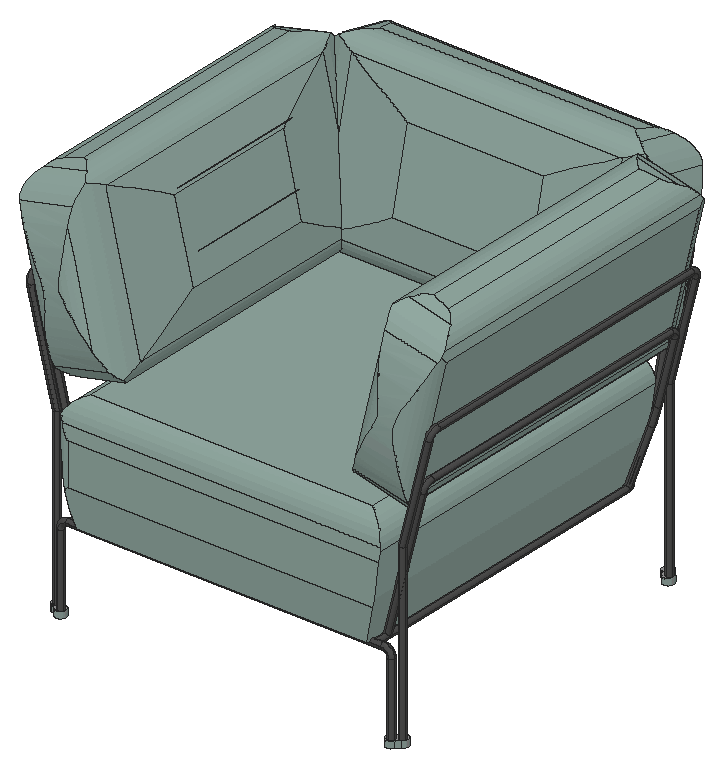
Revit family "FU_Modular_Sandler_Ari 1302-OD", category Furniture, Revit 2020
Family settings
  OmniClass Number = 23.40.20.00
  OmniClass Title = General Furniture and Specialties
  Work Plane-Based = No
  Always vertical = Yes
  Cut with Voids When Loaded = No
  Shared = No
  Room Calculation Point = No
Parameters (values of type "Ari 1302-OD")
  Width = 840 mm
  URL = "https://www.sandlerseating.com/product/ari-1302-od/"
  Seat [instance] = Fabric - Outdoor - Amelia 711
  Model = "Ari 1302-OD"
  Manufacturer = "Sandler"
  Height = 780 mm
  Frame [instance] = Metal - Paint - Outdoor - Jet Black
  Description = "Outdoor armchair with upholstered backrest and armrests, steel frame, and an elegant double support at the back. Part of the Ari patio modular range"
  Depth = 780 mm
  Default Elevation = 0 mm
  Back [instance] = Fabric - Outdoor - Amelia 711
Reference planes
  plane 1 "Center (Front/Back)": y = 0
  plane 2: z = 0
  plane 3 "Center (Left/Right)": x = 0
  plane 4 "Right": x = -360
  plane 5 "Left": x = 360
  plane 6 "Back": y = 390
  plane 7 "Front": y = -390
  plane 8 "Height": z = 780
  plane 9 "Seat height": z = 420
  plane 10 "Frame Front C TOP": y = -372.654
  plane 11 "Frame Left C TOP": x = 337.638
  plane 12 "Feet Right": z = 12
  plane 13 "Frame Height C RIGHT": z = 173.508
  plane 14 "Right Arm": x = -420
  plane 15 "Frame Back AC RIGHT": through (4267.2, 277.413, 181.26) normal (0, -0.9703, 0.2421)
  plane 16 "Frame Back C RIGHT": y = 321.991
  plane 17 "Center L/T": x = 420
Forms (mm)
  Extrusion 1, solid, material "Fabric - Outdoor - Amelia 711" <- "Seat"
    sketch origin (0, 0, 173.508) x (1, 0, 0) y (0, 1, 0)
      loop
        arc (-313.239, 303.733) -> (-336.927, 293.921) -> (-346.739, 270.233) r 33.5
        line (-346.739, 270.233) -> (-346.739, -356.5)
        arc (-346.739, -356.5) -> (-336.927, -380.188) -> (-313.239, -390) r 33.5
        line (-313.239, -390) -> (313.204, -390)
        arc (313.204, -390) -> (336.892, -380.188) -> (346.704, -356.5) r 33.5
        line (346.704, -356.5) -> (346.704, 270.233)
        arc (346.704, 270.233) -> (336.892, 293.921) -> (313.204, 303.733) r 33.5
        line (313.204, 303.733) -> (-313.239, 303.733)
    from 0 to 233.363
  Sweep 2, solid, material "Metal - Paint - Outdoor - Jet Black" <- "Frame"
    path origin (0, -372.654, 0) x (1, 0, 0) y (0, 0, 1)
      loop
        line (-341.388, 12) -> (-341.388, 158.008)
        arc (-341.388, 158.008) -> (-336.848, 168.968) -> (-325.888, 173.508) r 15.5
        line (-325.888, 173.508) -> (308.101, 173.508)
        arc (308.101, 173.508) -> (319.061, 168.968) -> (323.601, 158.008) r 15.5
        line (323.601, 158.008) -> (323.601, 12)
    profile "Pro_Circles : 13mm" origin (-341.388, -372.654, 85.004) x (-1, 0, 0) y (0, -1, 0)
      loop
        arc (-6.467, 0.067) -> (-4.64, -4.545) -> (-0.067, -6.467) r 6.401
        arc (-0.067, -6.467) -> (4.593, -4.594) -> (6.467, 0.067) r 6.402
        arc (6.467, 0.067) -> (4.545, 4.64) -> (-0.067, 6.467) r 6.401
        arc (-0.067, 6.467) -> (-4.592, 4.592) -> (-6.467, 0.067) r 6.4
  Sweep 3, solid, material "Metal - Paint - Outdoor - Jet Black" <- "Frame"
    path origin (0, 321.991, 0) x (0, 0, 1) y (1, 0, 0)
      loop
        line (12, -343.741) -> (420, -343.741)
    profile "Pro_Circles : 13mm" origin (-343.741, 321.991, 216) x (1, 0, 0) y (0, 1, 0)
      loop
        arc (-6.467, 0.067) -> (-4.64, -4.545) -> (-0.067, -6.467) r 6.401
        arc (-0.067, -6.467) -> (4.593, -4.594) -> (6.467, 0.067) r 6.402
        arc (6.467, 0.067) -> (4.545, 4.64) -> (-0.067, 6.467) r 6.401
        arc (-0.067, 6.467) -> (-4.592, 4.592) -> (-6.467, 0.067) r 6.4
  Sweep 4, solid, material "Metal - Paint - Outdoor - Jet Black" <- "Frame"
    path origin (-17.502, 321.991, 0) x (0, 0, 1) y (-1, 0, 0)
      loop
        line (12, -343.741) -> (420, -343.741)
    profile "Pro_Circles : 13mm" origin (326.238, 321.991, 216) x (1, 0, 0) y (0, 1, 0)
      loop
        arc (6.467, 0.067) -> (4.592, 4.592) -> (0.067, 6.467) r 6.4
        arc (0.067, 6.467) -> (-4.545, 4.64) -> (-6.467, 0.067) r 6.401
        arc (-6.467, 0.067) -> (-4.593, -4.594) -> (0.067, -6.467) r 6.402
        arc (0.067, -6.467) -> (4.64, -4.545) -> (6.467, 0.067) r 6.401
  Sweep 5, solid, material "Metal - Paint - Outdoor - Jet Black" <- "Frame"
    path origin (0, 218.581, -54.537) x (0, -0.242083, -0.970256) y (1, 0, 0)
      loop
        line (-392.584, -343.94) -> (-642.584, -343.94)
        arc (-642.584, -343.94) -> (-653.544, -339.4) -> (-658.084, -328.44) r 15.5
        line (-658.084, -328.44) -> (-658.084, 310.706)
        arc (-658.084, 310.706) -> (-653.544, 321.666) -> (-642.584, 326.206) r 15.5
        line (-642.584, 326.206) -> (-392.584, 326.206)
    profile "Pro_Circles : 13mm" origin (-343.94, 343.879, 447.652) x (-1, 0, 0) y (0, -0.970256, 0.242083)
      loop
        arc (-6.467, 0.067) -> (-4.64, -4.545) -> (-0.067, -6.467) r 6.401
        arc (-0.067, -6.467) -> (4.593, -4.594) -> (6.467, 0.067) r 6.402
        arc (6.467, 0.067) -> (4.545, 4.64) -> (-0.067, 6.467) r 6.401
        arc (-0.067, 6.467) -> (-4.592, 4.592) -> (-6.467, 0.067) r 6.4
  Extrusion 6, void
    sketch origin (0, 0, 0) x (0, 1, 0) y (0, 0, 1)
      loop
        line (297.177, 362.973) -> (297.177, 316.005) -> (346.804, 316.005) -> (346.804, 356.876) -> (297.177, 362.973)
    from -420 to 360
  Extrusion 7, void
    sketch origin (0, 0, 0) x (0, 1, 0) y (0, 0, 1)
      loop
        line (297.177, 362.973) -> (346.804, 356.876) -> (346.804, 423.527) -> (297.177, 423.527) -> (297.177, 362.973)
    from -420 to 360
  Sweep 8, solid, material "Metal - Paint - Outdoor - Jet Black" <- "Frame"
    path origin (0, 218.581, -54.537) x (0, -0.242083, -0.970256) y (1, 0, 0)
      loop
        line (-235.112, -297.339) -> (-350.831, -321.742)
        arc (-350.831, -321.742) -> (-370.032, -324.759) -> (-389.442, -325.768) r 187.127
        line (-389.442, -325.768) -> (-528.112, -325.768)
        arc (-528.112, -325.768) -> (-539.072, -321.229) -> (-543.612, -310.268) r 15.5
        line (-543.612, -310.268) -> (-543.612, 291.731)
        arc (-543.612, 291.731) -> (-539.072, 302.691) -> (-528.112, 307.231) r 15.5
        line (-528.112, 307.231) -> (-391.142, 307.231)
        arc (-391.142, 307.231) -> (-371.665, 306.214) -> (-352.4, 303.176) r 187.1
        line (-352.4, 303.176) -> (-233.557, 278.022)
    profile "Pro_Circles : 13mm" origin (-9.269, 350.18, 472.905) x (0, 0.242083, 0.970256) y (0, -0.970256, 0.242083)
      loop
        arc (-6.467, 0.067) -> (-4.64, -4.545) -> (-0.067, -6.467) r 6.401
        arc (-0.067, -6.467) -> (4.593, -4.594) -> (6.467, 0.067) r 6.402
        arc (6.467, 0.067) -> (4.545, 4.64) -> (-0.067, 6.467) r 6.401
        arc (-0.067, 6.467) -> (-4.592, 4.592) -> (-6.467, 0.067) r 6.4
  Sweep 9, solid, material "Metal - Paint - Outdoor - Jet Black" <- "Frame"
    path origin (-357.841, -35.2, 0) x (0, 0, 1) y (0, 1, 0)
      loop
        line (12, 343.741) -> (420, 343.741)
    profile "Pro_Circles : 13mm" origin (-357.841, 308.541, 216) x (0, 1, 0) y (-1, 0, 0)
      loop
        arc (6.467, 0.067) -> (4.592, 4.592) -> (0.067, 6.467) r 6.4
        arc (0.067, 6.467) -> (-4.545, 4.64) -> (-6.467, 0.067) r 6.401
        arc (-6.467, 0.067) -> (-4.593, -4.594) -> (0.067, -6.467) r 6.402
        arc (0.067, -6.467) -> (4.64, -4.545) -> (6.467, 0.067) r 6.401
  Sweep 10, solid, material "Metal - Paint - Outdoor - Jet Black" <- "Frame"
    path origin (-357.841, -17.697, 0) x (0, 0, 1) y (0, 1, 0)
      loop
        line (12, -343.741) -> (420, -343.741)
    profile "Pro_Circles : 13mm" origin (-357.841, -361.438, 216) x (0, 1, 0) y (-1, 0, 0)
      loop
        arc (-6.467, 0.067) -> (-4.64, -4.545) -> (-0.067, -6.467) r 6.401
        arc (-0.067, -6.467) -> (4.593, -4.594) -> (6.467, 0.067) r 6.402
        arc (6.467, 0.067) -> (4.545, 4.64) -> (-0.067, 6.467) r 6.401
        arc (-0.067, 6.467) -> (-4.592, 4.592) -> (-6.467, 0.067) r 6.4
  Sweep 11, solid, material "Metal - Paint - Outdoor - Jet Black" <- "Frame"
    path origin (-254.43, -35.2, -54.537) x (0.242083, 0, -0.970256) y (0, 1, 0)
      loop
        line (-392.584, 343.94) -> (-642.584, 343.94)
        arc (-642.584, 343.94) -> (-653.544, 339.4) -> (-658.084, 328.44) r 15.5
        line (-658.084, 328.44) -> (-658.084, -310.706)
        arc (-658.084, -310.706) -> (-653.544, -321.666) -> (-642.584, -326.206) r 15.5
        line (-642.584, -326.206) -> (-392.584, -326.206)
    profile "Pro_Circles : 13mm" origin (-379.729, -361.405, 447.652) x (0, -1, 0) y (0.970256, 0, 0.242083)
      loop
        arc (6.467, 0.067) -> (4.592, 4.592) -> (0.067, 6.467) r 6.4
        arc (0.067, 6.467) -> (-4.545, 4.64) -> (-6.467, 0.067) r 6.401
        arc (-6.467, 0.067) -> (-4.593, -4.594) -> (0.067, -6.467) r 6.402
        arc (0.067, -6.467) -> (4.64, -4.545) -> (6.467, 0.067) r 6.401
  Extrusion 12, void
    sketch origin (-35.85, -35.2, 0) x (-1, 0, 0) y (0, 0, -1)
      loop
        line (297.177, -362.973) -> (346.804, -356.876) -> (346.804, -316.005) -> (297.177, -316.005) -> (297.177, -362.973)
    from -425.2 to 354.8
  Extrusion 13, void
    sketch origin (-35.85, -35.2, 0) x (-1, 0, 0) y (0, 0, -1)
      loop
        line (297.177, -362.973) -> (297.177, -423.527) -> (346.804, -423.527) -> (346.804, -356.876) -> (297.177, -362.973)
    from -425.2 to 354.8
  Sweep 14, solid, material "Metal - Paint - Outdoor - Jet Black" <- "Frame"
    path origin (-254.43, -35.2, -54.537) x (0.242083, 0, -0.970256) y (0, 1, 0)
      loop
        line (-235.112, 297.339) -> (-350.831, 321.742)
        arc (-350.831, 321.742) -> (-370.032, 324.759) -> (-389.442, 325.768) r 187.127
        line (-389.442, 325.768) -> (-528.112, 325.768)
        arc (-528.112, 325.768) -> (-539.072, 321.229) -> (-543.612, 310.268) r 15.5
        line (-543.612, 310.268) -> (-543.612, -291.731)
        arc (-543.612, -291.731) -> (-539.072, -302.691) -> (-528.112, -307.231) r 15.5
        line (-528.112, -307.231) -> (-235.507, -307.231)
    profile "Pro_Circles : 13mm" origin (-386.03, -25.931, 472.905) x (0.242083, 0, -0.970256) y (0.970256, 0, 0.242083)
      loop
        arc (6.467, 0.067) -> (4.592, 4.592) -> (0.067, 6.467) r 6.4
        arc (0.067, 6.467) -> (-4.545, 4.64) -> (-6.467, 0.067) r 6.401
        arc (-6.467, 0.067) -> (-4.593, -4.594) -> (0.067, -6.467) r 6.402
        arc (0.067, -6.467) -> (4.64, -4.545) -> (6.467, 0.067) r 6.401
  Sweep 15, solid, material "Metal - Paint - Outdoor - Jet Black" <- "Frame"
    path origin (0, 0, 173.508) x (1, 0, 0) y (0, 1, 0)
      loop
        line (-310.747, -372.654) -> (-310.747, 260.072)
        arc (-310.747, 260.072) -> (-306.208, 271.032) -> (-295.247, 275.572) r 15.5
        line (-295.247, 275.572) -> (276.364, 275.572)
        arc (276.364, 275.572) -> (287.325, 271.032) -> (291.864, 260.072) r 15.5
        line (291.864, 260.072) -> (291.864, -372.654)
    profile "Pro_Circles : 13mm" origin (-9.441, 275.572, 173.508) x (0, 1, 0) y (0, 0, 1)
      loop
        arc (-6.467, 0.067) -> (-4.64, -4.545) -> (-0.067, -6.467) r 6.401
        arc (-0.067, -6.467) -> (4.593, -4.594) -> (6.467, 0.067) r 6.402
        arc (6.467, 0.067) -> (4.545, 4.64) -> (-0.067, 6.467) r 6.401
        arc (-0.067, 6.467) -> (-4.592, 4.592) -> (-6.467, 0.067) r 6.4
  Extrusion 16, void
    sketch origin (0, 23.028, -0.944) x (0, 1, 0) y (0, 0, 1)
      loop
        arc (279.345, 364.934) -> (266.59, 262.706) -> (239.146, 163.408) r 708.516
        line (239.146, 163.408) -> (325.45, 163.408) -> (325.45, 441.519) -> (222.591, 441.519) -> (222.591, 423.086)
        arc (222.591, 423.086) -> (263.219, 405.967) -> (279.345, 364.934) r 56.771
    from -360 to 360
  Extrusion 17, void
    sketch origin (-43.011, -148.912, -13.78) x (-1, 0, 0) y (0, 0, 1)
      loop
        arc (290.858, 364.836) -> (278.103, 262.608) -> (250.659, 163.311) r 708.516
        line (250.659, 163.311) -> (336.963, 163.311) -> (336.963, 441.421) -> (234.104, 441.421) -> (234.104, 422.988)
        arc (234.104, 422.988) -> (274.732, 405.869) -> (290.858, 364.836) r 56.771
    from -241.088 to 538.912
  Extrusion 18, solid, material "Rubber, Black"
    sketch origin (-35.941, -8.051, 0) x (-0.993563, 0.113279, 0) y (-0.113279, -0.993563, 0)
      loop
        arc (-324.942, -350.4) -> (-342.844, -347.544) -> (-338.901, -365.238) r 10.957
        arc (-338.901, -365.238) -> (-334.399, -367.677) -> (-331.489, -371.888) r 11
        arc (-331.489, -371.888) -> (-313.526, -375.765) -> (-317.057, -357.734) r 11
        arc (-317.057, -357.734) -> (-321.958, -355.098) -> (-324.942, -350.4) r 11
    from 0 to 12
  Extrusion 19, solid, material "Rubber, Black"
    sketch origin (16.177, -7.113, 0) x (0.993563, 0.113279, 0) y (-0.113279, 0.993563, 0)
      loop
        arc (-324.942, 350.4) -> (-321.958, 355.098) -> (-317.057, 357.734) r 11
        arc (-317.057, 357.734) -> (-313.526, 375.765) -> (-331.489, 371.888) r 11
        arc (-331.489, 371.888) -> (-334.399, 367.677) -> (-338.901, 365.238) r 11
        arc (-338.901, 365.238) -> (-342.844, 347.544) -> (-324.942, 350.4) r 10.957
    from 0 to 12
  Extrusion 20, solid, material "Rubber, Black"
    sketch origin (-71.376, 34.585, 0) x (0.991455, 0.130451, 0) y (-0.130451, 0.991455, 0)
      loop
        arc (-324.942, -350.4) -> (-342.844, -347.544) -> (-338.901, -365.238) r 10.957
        arc (-338.901, -365.238) -> (-334.399, -367.677) -> (-331.489, -371.888) r 11
        arc (-331.489, -371.888) -> (-313.526, -375.765) -> (-317.057, -357.734) r 11
        arc (-317.057, -357.734) -> (-321.958, -355.098) -> (-324.942, -350.4) r 11
    from 0 to 12
  Extrusion 21, solid, material "Rubber, Black"
    sketch origin (-2.069, -8.413, 0) x (-0.99993, -0.01187, 0) y (0.01187, -0.99993, 0)
      loop
        arc (-324.942, 350.4) -> (-321.958, 355.098) -> (-317.057, 357.734) r 11
        arc (-317.057, 357.734) -> (-313.526, 375.765) -> (-331.489, 371.888) r 11
        arc (-331.489, 371.888) -> (-334.399, 367.677) -> (-338.901, 365.238) r 11
        arc (-338.901, 365.238) -> (-342.844, 347.544) -> (-324.942, 350.4) r 10.957
    from 0 to 12
  Sweep 22, solid, material "Metal - Paint - Outdoor - Jet Black" <- "Frame"
    path origin (337.572, -35.2, 0) x (0, 0, 1) y (0, -1, 0)
      loop
        line (12, -343.741) -> (420, -343.741)
    profile "Pro_Circles : 13mm" origin (337.572, 308.541, 216) x (0, -1, 0) y (1, 0, 0)
      loop
        arc (-6.467, 0.067) -> (-4.64, -4.545) -> (-0.067, -6.467) r 6.401
        arc (-0.067, -6.467) -> (4.593, -4.594) -> (6.467, 0.067) r 6.402
        arc (6.467, 0.067) -> (4.545, 4.64) -> (-0.067, 6.467) r 6.401
        arc (-0.067, 6.467) -> (-4.592, 4.592) -> (-6.467, 0.067) r 6.4
  Sweep 23, solid, material "Metal - Paint - Outdoor - Jet Black" <- "Frame"
    path origin (337.572, -17.697, 0) x (0, 0, 1) y (0, -1, 0)
      loop
        line (12, 343.741) -> (420, 343.741)
    profile "Pro_Circles : 13mm" origin (337.572, -361.438, 216) x (0, -1, 0) y (1, 0, 0)
      loop
        arc (6.467, 0.067) -> (4.592, 4.592) -> (0.067, 6.467) r 6.4
        arc (0.067, 6.467) -> (-4.545, 4.64) -> (-6.467, 0.067) r 6.401
        arc (-6.467, 0.067) -> (-4.593, -4.594) -> (0.067, -6.467) r 6.402
        arc (0.067, -6.467) -> (4.64, -4.545) -> (6.467, 0.067) r 6.401
  Sweep 24, solid, material "Metal - Paint - Outdoor - Jet Black" <- "Frame"
    path origin (234.161, -35.2, -54.537) x (-0.242083, 0, -0.970256) y (0, -1, 0)
      loop
        line (-392.584, -343.94) -> (-642.584, -343.94)
        arc (-642.584, -343.94) -> (-653.544, -339.4) -> (-658.084, -328.44) r 15.5
        line (-658.084, -328.44) -> (-658.084, 310.706)
        arc (-658.084, 310.706) -> (-653.544, 321.666) -> (-642.584, 326.206) r 15.5
        line (-642.584, 326.206) -> (-392.584, 326.206)
    profile "Pro_Circles : 13mm" origin (359.46, 308.74, 447.652) x (0, 1, 0) y (-0.970256, 0, 0.242083)
      loop
        arc (-6.467, 0.067) -> (-4.64, -4.545) -> (-0.067, -6.467) r 6.401
        arc (-0.067, -6.467) -> (4.593, -4.594) -> (6.467, 0.067) r 6.402
        arc (6.467, 0.067) -> (4.545, 4.64) -> (-0.067, 6.467) r 6.401
        arc (-0.067, 6.467) -> (-4.592, 4.592) -> (-6.467, 0.067) r 6.4
  Extrusion 25, void
    sketch origin (15.581, -35.2, 0) x (1, 0, 0) y (0, 0, 1)
      loop
        line (297.177, 362.973) -> (297.177, 316.005) -> (346.804, 316.005) -> (346.804, 356.876) -> (297.177, 362.973)
    from -425.2 to 354.8
  Extrusion 26, void
    sketch origin (15.581, -35.2, 0) x (1, 0, 0) y (0, 0, 1)
      loop
        line (297.177, 362.973) -> (346.804, 356.876) -> (346.804, 423.527) -> (297.177, 423.527) -> (297.177, 362.973)
    from -425.2 to 354.8
  Sweep 27, solid, material "Metal - Paint - Outdoor - Jet Black" <- "Frame"
    path origin (234.161, -35.2, -54.537) x (-0.242083, 0, -0.970256) y (0, -1, 0)
      loop
        line (-235.112, -297.339) -> (-350.831, -321.742)
        arc (-350.831, -321.742) -> (-370.032, -324.759) -> (-389.442, -325.768) r 187.127
        line (-389.442, -325.768) -> (-528.112, -325.768)
        arc (-528.112, -325.768) -> (-539.072, -321.229) -> (-543.612, -310.268) r 15.5
        line (-543.612, -310.268) -> (-543.612, 291.731)
        arc (-543.612, 291.731) -> (-539.072, 302.691) -> (-528.112, 307.231) r 15.5
        line (-528.112, 307.231) -> (-235.507, 307.231)
    profile "Pro_Circles : 13mm" origin (365.76, -25.931, 472.905) x (0.242083, 0, 0.970256) y (-0.970256, 0, 0.242083)
      loop
        arc (-6.467, 0.067) -> (-4.64, -4.545) -> (-0.067, -6.467) r 6.401
        arc (-0.067, -6.467) -> (4.593, -4.594) -> (6.467, 0.067) r 6.402
        arc (6.467, 0.067) -> (4.545, 4.64) -> (-0.067, 6.467) r 6.401
        arc (-0.067, 6.467) -> (-4.592, 4.592) -> (-6.467, 0.067) r 6.4
  Extrusion 28, void
    sketch origin (0, 0, 0) x (0, 1, 0) y (0, 0, 1)
      loop
        arc (-387.696, 358.875) -> (-378.325, 386.293) -> (-357.927, 406.871) r 64.696
        line (-357.927, 406.871) -> (-357.927, 429.285) -> (-409.598, 429.285) -> (-409.598, 144.166) -> (-375.683, 144.166)
        arc (-375.683, 144.166) -> (-390.262, 251.041) -> (-387.696, 358.875) r 677.536
    from -360 to 360
  Extrusion 29, void
    sketch origin (23.265, -148.912, -13.78) x (1, 0, 0) y (0, 0, -1)
      loop
        arc (290.858, -364.836) -> (274.732, -405.869) -> (234.104, -422.988) r 56.771
        line (234.104, -422.988) -> (234.104, -441.421) -> (336.963, -441.421) -> (336.963, -163.311) -> (250.659, -163.311)
        arc (250.659, -163.311) -> (278.103, -262.608) -> (290.858, -364.836) r 708.516
    from -241.088 to 538.912
Cuts and joins
  Extrusion 16, Extrusion 17, Extrusion 28, Extrusion 29 cuts Extrusion 1
  Extrusion 13, Extrusion 25, Extrusion 26 cuts Sweep 10
  Extrusion 12, Extrusion 25, Extrusion 26 cuts Sweep 11
  Extrusion 13, Extrusion 25, Extrusion 26 cuts Sweep 9
  Extrusion 7 cuts Sweep 4
  Extrusion 6 cuts Sweep 5
  Extrusion 7, Extrusion 25 cuts Sweep 3
  Extrusion 25 cuts Sweep 14
  Extrusion 25 cuts Sweep 24
  Extrusion 26 cuts Sweep 22
  Extrusion 26 cuts Sweep 23
Dimensions and locks
  equal spacing: plane 14 "Right Arm", plane 3 "Center (Left/Right)", plane 17 "Center L/T"
  "Width": plane 14 "Right Arm" to plane 17 "Center L/T"
  equal spacing: plane 6 "Back", plane 1 "Center (Front/Back)", plane 7 "Front"
  "Depth": plane 6 "Back" to plane 7 "Front"
  "Height": plane 8 "Height" to level
  plane 9 "Seat height" to level = 420 mm
  aligned and locked: level to plane 2
Automatic sketch dimensions
  Extrusion 1 sketch curve to plane 7 "Front" = 0 mm
  Extrusion 1 sketch curve to plane 4 "Right" = 13.261 mm
  Extrusion 1 sketch curve to plane 4 "Right" = 46.761 mm
  Extrusion 1 sketch curve to Extrusion 1 sketch curve = 33.5 mm
  plane 11 "Frame Left C TOP" to Extrusion 1 sketch curve = 24.434 mm  (x2)
  Extrusion 1 sketch curve to plane 11 "Frame Left C TOP" = 9.066 mm
  Extrusion 1 sketch curve to plane 16 "Frame Back C RIGHT" = 51.758 mm
  Sweep 2 sketch curve to plane 12 "Feet Right" = 0 mm  (x2)
  Sweep 2 sketch curve to plane 13 "Frame Height C RIGHT" = 0 mm
  Sweep 2 sketch curve to plane 4 "Right" = 18.612 mm
  plane 13 "Frame Height C RIGHT" to Sweep 2 sketch curve = 15.5 mm
  plane 11 "Frame Left C TOP" to Sweep 2 sketch curve = 29.538 mm
  plane 11 "Frame Left C TOP" to Sweep 2 sketch curve = 14.038 mm
  Sweep 3 sketch curve to plane 12 "Feet Right" = 0 mm
  Sweep 3 sketch curve to plane 9 "Seat height" = 0 mm
  Sweep 3 sketch curve to plane 4 "Right" = 16.259 mm
  Sweep 4 sketch curve to plane 12 "Feet Right" = 0 mm
  Sweep 4 sketch curve to plane 9 "Seat height" = 0 mm
  Sweep 4 sketch curve to plane 11 "Frame Left C TOP" = 11.4 mm
  Sweep 5 sketch curve to plane 4 "Right" = 31.56 mm
  Sweep 5 sketch curve to plane 4 "Right" = 16.06 mm
  plane 11 "Frame Left C TOP" to Sweep 5 sketch curve = 11.433 mm
  Sweep 5 sketch curve to Sweep 5 sketch curve = 15.5 mm
  Sweep 5 sketch curve to Sweep 5 sketch curve = 250 mm  (x2)
  Extrusion 6 sketch curve to plane 16 "Frame Back C RIGHT" = 24.814 mm
  plane 16 "Frame Back C RIGHT" to Extrusion 6 sketch curve = 24.813 mm
  Extrusion 6 sketch curve to plane 9 "Seat height" = 103.995 mm
  Extrusion 6 sketch curve to Extrusion 6 sketch curve = 40.871 mm
  Extrusion 6 sketch curve to Extrusion 6 sketch curve = 46.968 mm
  plane 9 "Seat height" to Extrusion 7 sketch curve = 3.527 mm
  Extrusion 7 sketch curve to plane 16 "Frame Back C RIGHT" = 24.814 mm
  plane 16 "Frame Back C RIGHT" to Extrusion 7 sketch curve = 24.813 mm
  Extrusion 7 sketch curve to plane 9 "Seat height" = 57.027 mm
  Extrusion 7 sketch curve to Extrusion 7 sketch curve = 6.098 mm
  Sweep 9 sketch curve to plane 12 "Feet Right" = 0 mm
  Sweep 9 sketch curve to plane 9 "Seat height" = 0 mm
  Sweep 9 sketch curve to plane 16 "Frame Back C RIGHT" = 13.45 mm
  Sweep 10 sketch curve to plane 12 "Feet Right" = 0 mm
  Sweep 10 sketch curve to plane 9 "Seat height" = 0 mm
  Sweep 10 sketch curve to plane 10 "Frame Front C TOP" = 11.216 mm
  Sweep 11 sketch curve to plane 16 "Frame Back C RIGHT" = 28.751 mm
  Sweep 11 sketch curve to plane 16 "Frame Back C RIGHT" = 13.251 mm
  Sweep 11 sketch curve to plane 10 "Frame Front C TOP" = 11.249 mm
  Sweep 11 sketch curve to Sweep 11 sketch curve = 15.5 mm
  Sweep 11 sketch curve to Sweep 11 sketch curve = 250 mm  (x2)
  Extrusion 12 sketch curve to plane 4 "Right" = 26.973 mm
  plane 4 "Right" to Extrusion 12 sketch curve = 22.654 mm
  Extrusion 12 sketch curve to plane 9 "Seat height" = 57.027 mm
  Extrusion 12 sketch curve to Extrusion 12 sketch curve = 6.098 mm
  Extrusion 12 sketch curve to Extrusion 12 sketch curve = 40.871 mm
  plane 9 "Seat height" to Extrusion 13 sketch curve = 3.527 mm
  Extrusion 13 sketch curve to plane 4 "Right" = 26.973 mm
  plane 4 "Right" to Extrusion 13 sketch curve = 22.654 mm
  Extrusion 13 sketch curve to plane 9 "Seat height" = 57.027 mm
  Extrusion 13 sketch curve to Extrusion 13 sketch curve = 6.098 mm
  Sweep 14 sketch curve to plane 16 "Frame Back C RIGHT" = 46.922 mm
  Sweep 14 sketch curve to Sweep 14 sketch curve = 15.5 mm  (x2)
  Sweep 14 sketch curve to Sweep 14 sketch curve = 138.669 mm
  Sweep 14 sketch curve to plane 16 "Frame Back C RIGHT" = 35.449 mm
  Sweep 14 sketch curve to Sweep 14 sketch curve = 38.611 mm
  Sweep 14 sketch curve to plane 10 "Frame Front C TOP" = 45.724 mm
  Sweep 14 sketch curve to Sweep 14 sketch curve = 292.605 mm
  Sweep 14 sketch curve to plane 16 "Frame Back C RIGHT" = 59.852 mm
  Sweep 14 sketch curve to Sweep 14 sketch curve = 115.719 mm
  Extrusion 16 sketch curve to plane 7 "Front" = 15.21 mm
  plane 9 "Seat height" to Extrusion 16 sketch curve = 20.575 mm
  Extrusion 16 sketch curve to plane 16 "Frame Back C RIGHT" = 76.373 mm
  plane 13 "Frame Height C RIGHT" to Extrusion 16 sketch curve = 11.043 mm
  Extrusion 16 sketch curve to plane 16 "Frame Back C RIGHT" = 59.818 mm
  plane 16 "Frame Back C RIGHT" to Extrusion 16 sketch curve = 26.486 mm
  Extrusion 16 sketch curve to plane 9 "Seat height" = 54.628 mm
  Extrusion 16 sketch curve to plane 9 "Seat height" = 19.638 mm
  Extrusion 16 sketch curve to Extrusion 16 sketch curve = 18.433 mm
  Extrusion 17 sketch curve to plane 5 "Left" = 13.713 mm
  plane 9 "Seat height" to Extrusion 17 sketch curve = 7.641 mm
  Extrusion 17 sketch curve to plane 4 "Right" = 82.885 mm
  plane 13 "Frame Height C RIGHT" to Extrusion 17 sketch curve = 23.977 mm
  Extrusion 17 sketch curve to plane 4 "Right" = 66.33 mm
  plane 4 "Right" to Extrusion 17 sketch curve = 19.974 mm
  Extrusion 17 sketch curve to plane 9 "Seat height" = 67.562 mm
  Extrusion 17 sketch curve to plane 9 "Seat height" = 32.572 mm
  Extrusion 17 sketch curve to Extrusion 17 sketch curve = 18.433 mm
  plane 16 "Frame Back C RIGHT" to Extrusion 18 sketch curve = 4.69 mm
  Extrusion 18 sketch curve to plane 11 "Frame Left C TOP" = 8.544 mm
  Extrusion 18 sketch curve to Extrusion 18 sketch curve = 6.883 mm
  Extrusion 18 sketch curve to Extrusion 18 sketch curve = 13.634 mm
  Extrusion 18 sketch curve to Extrusion 18 sketch curve = 20.396 mm
  Extrusion 18 sketch curve to Extrusion 18 sketch curve = 7.952 mm
  Extrusion 18 sketch curve to Extrusion 18 sketch curve = 12.86 mm
  Extrusion 18 sketch curve to Extrusion 18 sketch curve = 8.009 mm
  Extrusion 18 sketch curve to Extrusion 18 sketch curve = 4.038 mm
  Extrusion 18 sketch curve to Extrusion 18 sketch curve = 7.411 mm
  Extrusion 18 sketch curve to Extrusion 18 sketch curve = 0.004 mm
  Extrusion 18 sketch curve to Extrusion 18 sketch curve = 9.921 mm
  Extrusion 18 sketch curve to Extrusion 18 sketch curve = 7.885 mm
  Extrusion 18 sketch curve to Extrusion 18 sketch curve = 3.975 mm
  plane 16 "Frame Back C RIGHT" to Extrusion 19 sketch curve = 5.628 mm
  plane 4 "Right" to Extrusion 19 sketch curve = 5.946 mm
  Extrusion 19 sketch curve to Extrusion 19 sketch curve = 6.883 mm
  Extrusion 19 sketch curve to Extrusion 19 sketch curve = 13.634 mm
  Extrusion 19 sketch curve to Extrusion 19 sketch curve = 20.396 mm
  Extrusion 19 sketch curve to Extrusion 19 sketch curve = 7.952 mm
  Extrusion 19 sketch curve to Extrusion 19 sketch curve = 12.86 mm
  Extrusion 19 sketch curve to Extrusion 19 sketch curve = 8.009 mm
  Extrusion 19 sketch curve to Extrusion 19 sketch curve = 4.038 mm
  Extrusion 19 sketch curve to Extrusion 19 sketch curve = 7.411 mm
  Extrusion 19 sketch curve to Extrusion 19 sketch curve = 0.004 mm
  Extrusion 19 sketch curve to Extrusion 19 sketch curve = 9.921 mm
  Extrusion 19 sketch curve to Extrusion 19 sketch curve = 7.885 mm
  Extrusion 19 sketch curve to Extrusion 19 sketch curve = 3.975 mm
  plane 4 "Right" to Extrusion 20 sketch curve = 1.17 mm
  plane 7 "Front" to Extrusion 20 sketch curve = 7.352 mm
  Extrusion 20 sketch curve to Extrusion 20 sketch curve = 6.883 mm
  Extrusion 20 sketch curve to Extrusion 20 sketch curve = 13.634 mm
  Extrusion 20 sketch curve to Extrusion 20 sketch curve = 20.396 mm
  Extrusion 20 sketch curve to Extrusion 20 sketch curve = 7.952 mm
  Extrusion 20 sketch curve to Extrusion 20 sketch curve = 12.86 mm
  Extrusion 20 sketch curve to Extrusion 20 sketch curve = 8.009 mm
  Extrusion 20 sketch curve to Extrusion 20 sketch curve = 4.038 mm
  Extrusion 20 sketch curve to Extrusion 20 sketch curve = 7.411 mm
  Extrusion 20 sketch curve to Extrusion 20 sketch curve = 0.004 mm
  Extrusion 20 sketch curve to Extrusion 20 sketch curve = 9.921 mm
  Extrusion 20 sketch curve to Extrusion 20 sketch curve = 7.885 mm
  Extrusion 20 sketch curve to Extrusion 20 sketch curve = 3.975 mm
  Extrusion 21 sketch curve to plane 11 "Frame Left C TOP" = 6.475 mm
  plane 10 "Frame Front C TOP" to Extrusion 21 sketch curve = 7.54 mm
  Extrusion 21 sketch curve to Extrusion 21 sketch curve = 6.883 mm
  Extrusion 21 sketch curve to Extrusion 21 sketch curve = 13.634 mm
  Extrusion 21 sketch curve to Extrusion 21 sketch curve = 20.396 mm
  Extrusion 21 sketch curve to Extrusion 21 sketch curve = 7.952 mm
  Extrusion 21 sketch curve to Extrusion 21 sketch curve = 12.86 mm
  Extrusion 21 sketch curve to Extrusion 21 sketch curve = 8.009 mm
  Extrusion 21 sketch curve to Extrusion 21 sketch curve = 4.038 mm
  Extrusion 21 sketch curve to Extrusion 21 sketch curve = 7.411 mm
  Extrusion 21 sketch curve to Extrusion 21 sketch curve = 0.004 mm
  Extrusion 21 sketch curve to Extrusion 21 sketch curve = 9.921 mm
  Extrusion 21 sketch curve to Extrusion 21 sketch curve = 7.885 mm
  Extrusion 21 sketch curve to Extrusion 21 sketch curve = 3.975 mm
  Sweep 22 sketch curve to plane 12 "Feet Right" = 0 mm
  Sweep 22 sketch curve to plane 9 "Seat height" = 0 mm
  Sweep 22 sketch curve to plane 16 "Frame Back C RIGHT" = 13.45 mm
  Sweep 23 sketch curve to plane 12 "Feet Right" = 0 mm
  Sweep 23 sketch curve to plane 9 "Seat height" = 0 mm
  Sweep 23 sketch curve to plane 10 "Frame Front C TOP" = 11.216 mm
  Sweep 24 sketch curve to plane 16 "Frame Back C RIGHT" = 28.751 mm
  Sweep 24 sketch curve to plane 16 "Frame Back C RIGHT" = 13.251 mm
  Sweep 24 sketch curve to plane 10 "Frame Front C TOP" = 11.249 mm
  Sweep 24 sketch curve to Sweep 24 sketch curve = 15.5 mm
  Sweep 24 sketch curve to Sweep 24 sketch curve = 250 mm  (x2)
  plane 11 "Frame Left C TOP" to Extrusion 25 sketch curve = 24.88 mm
  Extrusion 25 sketch curve to plane 5 "Left" = 2.385 mm
  Extrusion 25 sketch curve to plane 9 "Seat height" = 103.995 mm
  Extrusion 25 sketch curve to Extrusion 25 sketch curve = 40.871 mm
  Extrusion 25 sketch curve to Extrusion 25 sketch curve = 46.968 mm
  plane 9 "Seat height" to Extrusion 26 sketch curve = 3.527 mm
  plane 11 "Frame Left C TOP" to Extrusion 26 sketch curve = 24.88 mm
  Extrusion 26 sketch curve to plane 5 "Left" = 2.385 mm
  Extrusion 26 sketch curve to plane 9 "Seat height" = 57.027 mm
  Extrusion 26 sketch curve to Extrusion 26 sketch curve = 6.098 mm
  Sweep 27 sketch curve to plane 16 "Frame Back C RIGHT" = 46.922 mm
  Sweep 27 sketch curve to Sweep 27 sketch curve = 15.5 mm  (x2)
  Sweep 27 sketch curve to Sweep 27 sketch curve = 138.669 mm
  Sweep 27 sketch curve to plane 16 "Frame Back C RIGHT" = 35.449 mm
  Sweep 27 sketch curve to Sweep 27 sketch curve = 38.611 mm
  Sweep 27 sketch curve to plane 10 "Frame Front C TOP" = 45.724 mm
  Sweep 27 sketch curve to Sweep 27 sketch curve = 292.605 mm
  Sweep 27 sketch curve to plane 16 "Frame Back C RIGHT" = 59.852 mm
  Sweep 27 sketch curve to Sweep 27 sketch curve = 115.719 mm
  Extrusion 28 sketch curve to plane 7 "Front" = 19.598 mm
  plane 10 "Frame Front C TOP" to Extrusion 28 sketch curve = 3.029 mm
  Extrusion 28 sketch curve to plane 10 "Frame Front C TOP" = 14.727 mm
  Extrusion 28 sketch curve to plane 10 "Frame Front C TOP" = 49.308 mm
  Extrusion 28 sketch curve to plane 16 "Frame Back C RIGHT" = 35.775 mm
  plane 13 "Frame Height C RIGHT" to Extrusion 28 sketch curve = 29.342 mm
  Extrusion 28 sketch curve to plane 13 "Frame Height C RIGHT" = 115.381 mm
  Extrusion 28 sketch curve to plane 9 "Seat height" = 67.808 mm
  Extrusion 28 sketch curve to plane 9 "Seat height" = 13.129 mm
  plane 9 "Seat height" to Extrusion 28 sketch curve = 9.285 mm
  plane 4 "Right" to Extrusion 29 sketch curve = 33.46 mm
  plane 9 "Seat height" to Extrusion 29 sketch curve = 7.641 mm
  plane 11 "Frame Left C TOP" to Extrusion 29 sketch curve = 80.27 mm
  plane 11 "Frame Left C TOP" to Extrusion 29 sketch curve = 63.715 mm
  Extrusion 29 sketch curve to plane 5 "Left" = 0.228 mm
  Extrusion 29 sketch curve to plane 9 "Seat height" = 10.791 mm
  Extrusion 29 sketch curve to plane 9 "Seat height" = 32.572 mm
  Extrusion 29 sketch curve to Extrusion 29 sketch curve = 56.771 mm
  level to Extrusion 29 sketch curve = 149.531 mm
  plane 10 "Frame Front C TOP" to Sweep 15 sketch curve = 0 mm  (x2)
  Sweep 15 sketch curve to plane 4 "Right" = 49.253 mm
  Sweep 15 sketch curve to Sweep 15 sketch curve = 15.5 mm  (x2)
  plane 11 "Frame Left C TOP" to Sweep 15 sketch curve = 61.274 mm
  Sweep 15 sketch curve to plane 16 "Frame Back C RIGHT" = 61.919 mm
  Sweep 8 sketch curve to plane 4 "Right" = 49.732 mm
  Sweep 8 sketch curve to Sweep 8 sketch curve = 15.5 mm  (x2)
  plane 11 "Frame Left C TOP" to Sweep 8 sketch curve = 30.407 mm
  Sweep 8 sketch curve to Sweep 8 sketch curve = 136.969 mm
  Sweep 8 sketch curve to Sweep 8 sketch curve = 1.7 mm
  Sweep 8 sketch curve to plane 4 "Right" = 38.258 mm
  Sweep 8 sketch curve to Sweep 8 sketch curve = 38.611 mm
  plane 11 "Frame Left C TOP" to Sweep 8 sketch curve = 34.463 mm
  Sweep 8 sketch curve to Sweep 8 sketch curve = 38.743 mm
  Sweep 8 sketch curve to plane 4 "Right" = 62.661 mm
  Sweep 8 sketch curve to Sweep 8 sketch curve = 115.719 mm
  plane 11 "Frame Left C TOP" to Sweep 8 sketch curve = 59.616 mm
  Sweep 8 sketch curve to Sweep 8 sketch curve = 118.842 mm
Nested families
  nested 1: "Ari Back" at (0, 295.242, 15.923), Back <- "Back", type "Ari Back"
    with Back Fabric - Outdoor - Amelia 711
  nested 2: "Ari Back" at (-330.733, -29.86, 15.923) x (0, 1, 0) z (0, 0, 1), Back <- "Back", type "Ari Back"
    with Back Fabric - Outdoor - Amelia 711
  nested 3: "Ari Back" at (310.463, -29.86, 15.923) x (0, 1, 0) z (0, 0, 1), Back <- "Back", type "Ari Back"
    with Back Fabric - Outdoor - Amelia 711
Definition of nested family "Ari Back"
  Parameters (values of type "Ari Back")
    Width = 720 mm
    Height = 895 mm
    Depth = 503 mm
    Default Elevation = 0 mm
    Back [instance] = none
  Reference planes
    plane 1 "Center (Front/Back)": y = 0
    plane 2: z = 0
    plane 3 "Center (Left/Right)": x = 0
    plane 4 "Right": x = -360
    plane 5 "Left": x = 360
    plane 6 "Back": y = 251.5
    plane 7 "Front": y = -251.5
    plane 8 "Height": z = 895
    plane 9 "Seat height": z = 610
  Forms (mm)
    Extrusion 1, solid, material <- "Back"
      sketch origin (0, -132.764, 15.297) x (1, 0, 0) y (0, 0.973179, -0.23005)
        loop
          line (-362.5, 74.701) -> (-362.5, -74.06) -> (362.5, -74.06) -> (362.5, 74.701) -> (-362.5, 74.701)
      from 389.924 to 767.563
    Extrusion 2, void
      sketch origin (0, -132.764, 15.297) x (1, 0, 0) y (0, 0.973179, -0.23005)
        loop
          line (-310.203, 75.143) -> (-310.203, 79.868) -> (-364.948, 79.868) -> (-364.948, -91.02) -> (-99.416, -91.02) -> (-99.416, -75.542)
          arc (-99.416, -75.542) -> (-185.72, -70.794) -> (-271.607, -61.085) r 1500.401
          arc (-271.607, -61.085) -> (-310.035, -51.019) -> (-345.163, -32.471) r 173.385
          arc (-345.163, -32.471) -> (-355.968, -17.765) -> (-360.14, 0) r 45.595
          line (-360.14, 0) -> (-360.596, 24.202)
          arc (-360.596, 24.202) -> (-346.151, 60.308) -> (-310.203, 75.143) r 50
        loop
          arc (310.203, 75.143) -> (346.151, 60.308) -> (360.596, 24.202) r 50
          line (360.596, 24.202) -> (360.14, 0)
          arc (360.14, 0) -> (355.968, -17.765) -> (345.163, -32.471) r 45.595
          arc (345.163, -32.471) -> (310.035, -51.019) -> (271.607, -61.085) r 173.385
          arc (271.607, -61.085) -> (185.72, -70.794) -> (99.416, -75.542) r 1500.401
          line (99.416, -75.542) -> (99.416, -91.02) -> (364.948, -91.02) -> (364.948, 79.868) -> (310.203, 79.868) -> (310.203, 75.143)
      from 376.711 to 778.071
    Extrusion 3, void
      sketch origin (0, -132.764, 15.297) x (1, 0, 0) y (0, 0.23005, 0.973179)
        loop
          arc (-333.96, 716.373) -> (-314.814, 741.929) -> (-287.697, 758.789) r 86.435
          arc (-287.697, 758.789) -> (-252.656, 768.112) -> (-216.501, 770.87) r 197.455
          line (-216.501, 770.87) -> (-216.501, 777.709) -> (-370.298, 777.709) -> (-370.298, 376.009) -> (-216.501, 376.009) -> (-216.501, 385.996)
          arc (-216.501, 385.996) -> (-242.472, 387.863) -> (-268.162, 392.109) r 283.002
          arc (-268.162, 392.109) -> (-302.445, 405.044) -> (-328.289, 431.019) r 86.435
          spline (-328.289, 431.019) -> (-337.16, 449.647) -> (-344.765, 470.723) -> (-350.96, 493.848) -> (-355.627, 518.588) -> (-358.679, 544.474) -> (-360.057, 571.019) -> (-359.737, 597.721) -> (-357.724, 624.076) -> (-354.055, 649.587) -> (-348.801, 673.772) -> (-342.06, 696.175) -> (-333.96, 716.373)
        loop
          spline (333.96, 716.373) -> (342.06, 696.175) -> (348.801, 673.772) -> (354.055, 649.587) -> (357.724, 624.076) -> (359.737, 597.721) -> (360.057, 571.019) -> (358.679, 544.474) -> (355.627, 518.588) -> (350.96, 493.848) -> (344.765, 470.723) -> (337.16, 449.647) -> (328.289, 431.019)
          arc (328.289, 431.019) -> (302.445, 405.044) -> (268.162, 392.109) r 86.435
          arc (268.162, 392.109) -> (242.472, 387.863) -> (216.501, 385.996) r 283.002
          line (216.501, 385.996) -> (216.501, 376.009) -> (370.298, 376.009) -> (370.298, 777.709) -> (216.501, 777.709) -> (216.501, 770.87)
          arc (216.501, 770.87) -> (252.656, 768.112) -> (287.697, 758.789) r 197.455
          arc (287.697, 758.789) -> (314.814, 741.929) -> (333.96, 716.373) r 86.435
      from -88.411 to 87.877
    Extrusion 4, void
      sketch origin (0, -132.764, 15.297) x (0, 0.973179, -0.23005) y (0, 0.23005, 0.973179)
        loop
          arc (-61.397, 729.537) -> (-71.742, 680.053) -> (-75.437, 629.634) r 380.549
          line (-75.437, 629.634) -> (-88.369, 629.634) -> (-88.369, 778.183) -> (89.567, 778.183) -> (89.567, 676.12) -> (79.458, 676.12)
          arc (79.458, 676.12) -> (76.502, 705.709) -> (68.783, 734.428) r 182.681
          arc (68.783, 734.428) -> (50.774, 756.428) -> (23.805, 765.426) r 51.189
          line (23.805, 765.426) -> (-12.114, 766.886)
          arc (-12.114, 766.886) -> (-43.061, 756.472) -> (-61.416, 729.468) r 51.189
        loop
          arc (68.783, 424.075) -> (50.774, 402.074) -> (23.805, 393.076) r 51.189
          line (23.805, 393.076) -> (-12.114, 391.617)
          arc (-12.114, 391.617) -> (-43.09, 402.052) -> (-61.435, 429.104) r 51.189
          arc (-61.435, 429.104) -> (-71.752, 478.521) -> (-75.437, 528.868) r 380.549
          line (-75.437, 528.868) -> (-88.369, 528.868) -> (-88.369, 380.319) -> (89.567, 380.319) -> (89.567, 482.383) -> (79.458, 482.383)
          arc (79.458, 482.383) -> (76.502, 452.793) -> (68.783, 424.075) r 182.681
      from -402.712 to 386.758
  Cuts and joins
    Extrusion 2, Extrusion 3, Extrusion 4 cuts Extrusion 1
  Dimensions and locks
    equal spacing: plane 4 "Right", plane 3 "Center (Left/Right)", plane 5 "Left"
    "Width": plane 4 "Right" to plane 5 "Left"
    equal spacing: plane 6 "Back", plane 1 "Center (Front/Back)", plane 7 "Front"
    "Depth": plane 6 "Back" to plane 7 "Front"
    "Height": plane 8 "Height" to level
    plane 9 "Seat height" to level = 610 mm
    aligned and locked: level to plane 2
  Automatic sketch dimensions
    plane 4 "Right" to Extrusion 1 sketch curve = 2.5 mm
    Extrusion 1 sketch curve to plane 5 "Left" = 2.5 mm
    Extrusion 1 sketch curve to Extrusion 1 sketch curve = 148.761 mm
    plane 4 "Right" to Extrusion 2 sketch curve = 4.948 mm
    plane 4 "Right" to Extrusion 2 sketch curve = 0.14 mm
    Extrusion 2 sketch curve to plane 4 "Right" = 45.435 mm
    Extrusion 2 sketch curve to Extrusion 2 sketch curve = 3.96 mm  (x2)
    Extrusion 2 sketch curve to plane 4 "Right" = 49.797 mm
    Extrusion 2 sketch curve to Extrusion 2 sketch curve = 63.027 mm
    Extrusion 2 sketch curve to plane 3 "Center (Left/Right)" = 99.416 mm
    Extrusion 2 sketch curve to plane 3 "Center (Left/Right)" = 60.187 mm
    plane 3 "Center (Left/Right)" to Extrusion 2 sketch curve = 60.187 mm
    plane 3 "Center (Left/Right)" to Extrusion 2 sketch curve = 99.416 mm
    plane 5 "Left" to Extrusion 2 sketch curve = 112.825 mm
    plane 5 "Left" to Extrusion 2 sketch curve = 49.797 mm
    plane 5 "Left" to Extrusion 2 sketch curve = 49.395 mm
    Extrusion 2 sketch curve to plane 5 "Left" = 0.14 mm
    Extrusion 2 sketch curve to plane 5 "Left" = 0.596 mm
    Extrusion 2 sketch curve to plane 5 "Left" = 4.948 mm
    Extrusion 2 sketch curve to Extrusion 2 sketch curve = 0 mm  (x4)
    Extrusion 2 sketch curve to Extrusion 2 sketch curve = 15.478 mm  (x2)
    Extrusion 2 sketch curve to Extrusion 2 sketch curve = 91.02 mm  (x2)
    Extrusion 2 sketch curve to Extrusion 2 sketch curve = 1.332 mm  (x2)
    Extrusion 2 sketch curve to Extrusion 2 sketch curve = 24.202 mm
    Extrusion 2 sketch curve to Extrusion 2 sketch curve = 23.812 mm  (x2)
    Extrusion 2 sketch curve to Extrusion 2 sketch curve = 49.998 mm
    Extrusion 2 sketch curve to Extrusion 2 sketch curve = 4.725 mm  (x2)
    Extrusion 2 sketch curve to Extrusion 2 sketch curve = 30.702 mm  (x2)
    Extrusion 2 sketch curve to Extrusion 2 sketch curve = 1313.776 mm
    plane 4 "Right" to Extrusion 2 sketch curve = 0.596 mm
    Extrusion 2 sketch curve to plane 4 "Right" = 14.837 mm
    plane 4 "Right" to Extrusion 3 sketch curve = 10.298 mm
    Extrusion 3 sketch curve to plane 4 "Right" = 103.598 mm
    Extrusion 3 sketch curve to plane 4 "Right" = 104.515 mm
    Extrusion 3 sketch curve to Extrusion 3 sketch curve = 35.862 mm
    Extrusion 3 sketch curve to Extrusion 3 sketch curve = 38.984 mm  (x2)
    Extrusion 3 sketch curve to Extrusion 3 sketch curve = 39.901 mm
    Extrusion 3 sketch curve to Extrusion 3 sketch curve = 47.188 mm  (x2)
    plane 5 "Left" to Extrusion 3 sketch curve = 150.786 mm
    Extrusion 3 sketch curve to Extrusion 3 sketch curve = 7.287 mm
    plane 5 "Left" to Extrusion 3 sketch curve = 143.499 mm
    Extrusion 3 sketch curve to Extrusion 3 sketch curve = 10.409 mm
    Extrusion 3 sketch curve to plane 5 "Left" = 10.298 mm
    Extrusion 3 sketch curve to Extrusion 3 sketch curve = 0 mm  (x2)
    Extrusion 3 sketch curve to Extrusion 3 sketch curve = 9.986 mm  (x2)
    Extrusion 3 sketch curve to Extrusion 3 sketch curve = 91.613 mm  (x2)
    Extrusion 3 sketch curve to Extrusion 3 sketch curve = 95.831 mm  (x2)
    Extrusion 3 sketch curve to Extrusion 3 sketch curve = 95.464 mm  (x2)
    Extrusion 3 sketch curve to Extrusion 3 sketch curve = 9.315 mm  (x2)
    Extrusion 3 sketch curve to Extrusion 3 sketch curve = 92.651 mm  (x2)
    Extrusion 3 sketch curve to Extrusion 3 sketch curve = 99.491 mm
    Extrusion 3 sketch curve to Extrusion 3 sketch curve = 6.84 mm
    Extrusion 3 sketch curve to plane 4 "Right" = 26.04 mm
    Extrusion 3 sketch curve to plane 4 "Right" = 31.711 mm
    Extrusion 3 sketch curve to Extrusion 3 sketch curve = 46.263 mm
    Extrusion 3 sketch curve to Extrusion 3 sketch curve = 17.66 mm  (x2)
    Extrusion 3 sketch curve to Extrusion 3 sketch curve = 51.661 mm  (x2)
    Extrusion 3 sketch curve to Extrusion 3 sketch curve = 53.536 mm
    plane 5 "Left" to Extrusion 3 sketch curve = 31.711 mm
    plane 5 "Left" to Extrusion 3 sketch curve = 26.04 mm
    Extrusion 3 sketch curve to Extrusion 3 sketch curve = 5.91 mm  (x2)
    Extrusion 4 sketch curve to plane 9 "Seat height" = 98.299 mm
    plane 1 "Center (Front/Back)" to Extrusion 4 sketch curve = 121.456 mm
    Extrusion 4 sketch curve to Extrusion 4 sketch curve = 0 mm  (x3)
    Extrusion 4 sketch curve to Extrusion 4 sketch curve = 14.824 mm  (x2)
    Extrusion 4 sketch curve to Extrusion 4 sketch curve = 12.932 mm  (x2)
    Extrusion 4 sketch curve to Extrusion 4 sketch curve = 76.255 mm  (x2)
    Extrusion 4 sketch curve to Extrusion 4 sketch curve = 33.84 mm  (x2)
    Extrusion 4 sketch curve to Extrusion 4 sketch curve = 35.919 mm  (x2)
    Extrusion 4 sketch curve to Extrusion 4 sketch curve = 57.732 mm  (x2)
    Extrusion 4 sketch curve to Extrusion 4 sketch curve = 65.762 mm
    Extrusion 4 sketch curve to Extrusion 4 sketch curve = 10.108 mm
    Extrusion 4 sketch curve to Extrusion 4 sketch curve = 215.537 mm
    Extrusion 4 sketch curve to Extrusion 4 sketch curve = 3.309 mm
    Extrusion 4 sketch curve to Extrusion 4 sketch curve = 38.16 mm  (x2)
    Extrusion 4 sketch curve to Extrusion 4 sketch curve = 1.417 mm  (x2)
    Extrusion 4 sketch curve to Extrusion 4 sketch curve = 51.147 mm  (x2)
    Extrusion 4 sketch curve to Extrusion 4 sketch curve = 1.46 mm  (x2)
    Extrusion 4 sketch curve to Extrusion 4 sketch curve = 43.756 mm  (x2)
    Extrusion 4 sketch curve to Extrusion 4 sketch curve = 43.177 mm  (x2)
    Extrusion 4 sketch curve to Extrusion 4 sketch curve = 49.029 mm
    Extrusion 4 sketch curve to Extrusion 4 sketch curve = 95.679 mm
    Extrusion 4 sketch curve to Extrusion 4 sketch curve = 100.766 mm
    Extrusion 4 sketch curve to Extrusion 4 sketch curve = 46.485 mm
    Extrusion 4 sketch curve to Extrusion 4 sketch curve = 0.019 mm
